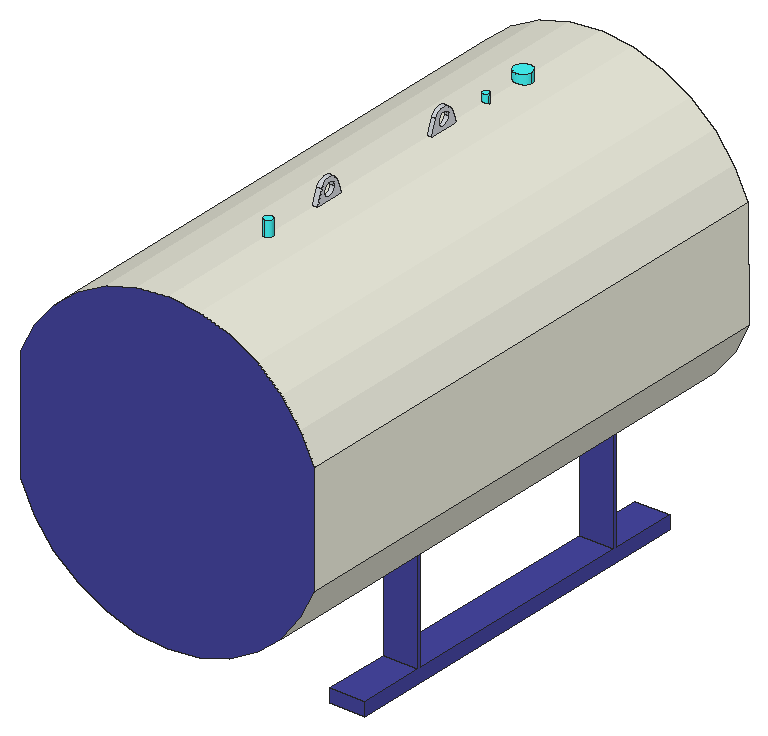
Revit family "d0061921_REVIT-150-250 HST", category Mechanical Equipment, Revit 2016
Family settings
  Part Type = Normal
  Round Connector Dimension = Use Radius
  Work Plane-Based = No
  Always vertical = Yes
  Cut with Voids When Loaded = No
  Shared = No
  Room Calculation Point = No
Parameters (values of type "LH 150A-TR")
  Weight = 695
  Unit Radius = 18 5/32"
  URL = "www.pvi.com"
  Thermowell Fitting To Rear = 35 1/4"
  Thermowell Fitting Radius = Thermowell Fitting NPT / 2  # 3/8"
  Thermowell Fitting Extension = Flat Side Spacing / 2 + 1"  # 18"
  Unit Length = 62 1/2"
  Thermowell Fitting NPT = 3/4"
  Temperature Gauge Fitting Radius = Temperature Gauge Fitting NPT / 2  # 3/8"
  Temperature Gauge Fitting NPT = 3/4"
  Skid To Rear = 12 1/8"
  Skid Spacing = 18"
  Skid Length = 44"
  Skid Center Dist = Skid Spacing / 2  # 9"
  Size = 150
  Relief to Rear = 14 1/2"
  Relief Valve Radius = Relief Valve NPT / 2  # 1/2"
  Relief Valve NPT = 1"
  Relief Extension = Unit Radius + 1"  # 19 5/32"
  Rear Skid Extension = 22 5/8"
  Phone Number = "817-335-3419"
  Nominal Storage = 150 gal
  Model = "LH 150A-TR"
  Manufacturer = "PVI Industries, LLC"
  Location [instance] = "Enter Job Location"
  Lifting Lugs To Rear = 23"
  Keynote = ""
  Hot Outlet To Front = 11 1/4"
  Hot Outlet Radius = Hot Outlet NPT / 2  # 1"
  Hot Outlet Extension = Unit Radius + 1"  # 19 5/32"
  Hot Outlet NPT = 2"
  Height to Relief = 45 1/8"
  Height to Energy = 24 1/2"
  Front Skid Extension = Skid Length + Rear Skid Extension  # 66 5/8"
  Flat Side Spacing = 34"
  Drain Radius = Drain NPT / 2  # 1/2"
  Drain NPT = 1"
  Drain Location = 24"
  Drain Extension = Unit Radius + 3"  # 21 5/32"
  Disclaimer = "This rendering is for building modeling purposes only. Submittal/catalog is still the contract document. PVI reserves the right to change design and specification without notice."
  Description = "PVI AquaPLEX® Storage Tanks - Horizontal Storage Tanks"
  Cold Inlet To Rear = 14 1/2"
  Cold Inlet NPT = 2"
  Cold Inlet Radius = Cold Inlet NPT / 2  # 1"
  Cold Inlet Extension = Unit Radius + 1"  # 19 5/32"
  Clearance Rear = 59 1/8"
  Clearance Front = 67 5/8"
  Clearance [instance] = yes
  Circulating Outlet Radius = Circulating Outlet NPT / 2  # 1 1/2"
  Circulating Outlet NPT = 3"
  Circulating Outlet Extension = Flat Side Spacing / 2 + 1"  # 18"
  Circulating Inlet Radius = Circulating Inlet NPT / 2  # 1 1/2"
  Circulating Inlet NPT = 3"
  Circulating Inlet Extension = Unit Radius + 1"  # 19 5/32"
  Circulating Inlet Angle = 46.1338°
  Assembly Code = "D3040400"
  Address = "3209 Galvez Ave., Fort Worth, Texas 76111"
Types (4): name | Weight | Thermowell Fitting To Rear | Unit Length | Skid To Rear | Skid Length | Size | Nominal Storage | Model | Location | Hot Outlet To Front | Front Skid Extension | Description | Circulating Inlet Angle
  LH 250A-TR | 770 | 50 3/4" | 94" | 11 1/8" | 76" | 250 | 250 gal | "LH 250A-TR" | "ENTER JOB LOCATION" | 11 1/4" | 98 5/8" | "PVI Turbopower - Water Heater" | 45.00°
  LH 175A-TR | 710 | 38 1/4" | 68 1/2" | 12 1/8" | 50" | 175 | 175 gal | "LH 175A-TR" | "ENTER JOB LOCATION" | 10 77/128" | 72 5/8" | "PVI AquaPLEX® Storage Tanks - Horizontal Storage Tanks" | 46.1338°
  LH 150A-TR | 695 | 35 1/4" | 62 1/2" | 12 1/8" | 44" | 150 | 150 gal | "LH 150A-TR" | "Enter Job Location" | 11 1/4" | 66 5/8" | "PVI AquaPLEX® Storage Tanks - Horizontal Storage Tanks" | 46.1338°
  LH 215A-TR | 730 | 41 1/4" | 75" | 12 1/8" | 56" | 215 | 215 gal | "LH 250A-TR" | "ENTER JOB LOCATION" | 11 1/4" | 78 5/8" | "PVI Turbopower - Water Heater" | 46.1338°
Reference planes (in)
  plane 1: z = 0
  plane 2 "Center (Left/Right)": x = 0
  plane 3 "Skid": z = 1.5
  plane 4: z = 26
  plane 5: y = -29
  plane 6: y = 19
  plane 7: y = -43.5
  plane 8: y = -29
  plane 9: y = 2.5
  plane 10: y = -8.25
  plane 11: y = 7.75
  plane 12: y = -20.5
  plane 13: y = -4
  plane 14: z = 46.5
  plane 15: z = 43.5
  plane 16: z = 45.25
  plane 17: y = -18.5
  plane 18: y = -22.5
Forms (in)
  Extrusion 1, solid, material "PVI Tank"
    sketch origin (0, -19.75, 0) x (1, 0, 0) y (0, 1, 0)
      loop
        line (-13, 32.375) -> (-13, -11.625) -> (-9, -11.625) -> (-9, 32.375) -> (-13, 32.375)
      loop
        line (9, 32.375) -> (9, -11.625) -> (13, -11.625) -> (13, 32.375) -> (9, 32.375)
    from 0 to 1.5
  Extrusion 2, solid, material "PVI Tank"
    sketch origin (0, -14.875, 9.9375) x (1, 0, 0) y (0, 0, 1)
      loop
        arc (-17, 9.47867) -> (0.07212, -2.19845) -> (17, 9.68681) r 18.15625
        line (17, 9.68681) -> (17, 22.43819)
        arc (17, 22.43819) -> (0.0843, 34.25793) -> (-17, 22.68323) r 18.20245
        line (-17, 22.68323) -> (-17, 9.47867)
    from -33.875 to 28.625
  Sweep 3, solid, material "PVI Tank"
    path origin (0, -15, 9.9375) x (0, 1, 0) y (0, 0, 1)
      loop
        line (27.61844, 16.0625) -> (27.61844, 35.9375)
    profile origin (0, 12.61844, 35.9375) x (0, -1, 0) y (1, 0, 0)
      loop
        circle (41.61844, 0) r 0.5
  Extrusion 4, solid, material "PVI Tank"
    sketch origin (0, -23.97504, 22.95982) x (0, 1, 0) y (0, 0, 1)
      loop
        line (0.35004, 1.54018) -> (0.35004, -22.95982) -> (0.60004, -22.95982) -> (0.60004, 1.54018) -> (0.35004, 1.54018)
    from 9 to 13
  Extrusion 5, solid, material "PVI Tank"
    sketch origin (0, -20.75629, 22.95982) x (0, 1, 0) y (0, 0, -1)
      loop
        line (-2.86871, -1.54018) -> (-2.61871, -1.54018) -> (-2.61871, 22.95982) -> (-2.86871, 22.95982) -> (-2.86871, -1.54018)
    from 9 to 13
  Extrusion 6, solid, material "PVI Tank"
    sketch origin (0, 33.84527, 22.95982) x (0, 1, 0) y (0, 0, 1)
      loop
        line (-29.22027, 1.54018) -> (-29.22027, -22.95982) -> (-28.97027, -22.95982) -> (-28.97027, 1.54018) -> (-29.22027, 1.54018)
    from 9 to 13
  Extrusion 7, solid, material "PVI Tank"
    sketch origin (0, 39.24371, 22.95982) x (0, 1, 0) y (0, 0, -1)
      loop
        line (-34.61871, -1.54018) -> (-34.36871, -1.54018) -> (-34.36871, 22.95982) -> (-34.61871, 22.95982) -> (-34.61871, -1.54018)
    from 9 to 13
  Sweep 8, solid, material "Plumbing"
    path origin (0, -29, 95.91008) x (0, 0, 1) y (-1, 0, 0)
      loop
        line (-69.91008, 0) -> (-89.06633, 0)
    profile origin (0, -29, 16.42188) x (0, -1, 0) y (1, 0, 0)
      loop
        circle (0, 0) r 1
  Sweep 9, solid, material "Plumbing"
    path origin (-72, -180, 26) x (-1, 0, 0) y (0, -1, 0)
      loop
        line (-72, -151) -> (-54, -151)
    profile origin (-9, -29, 26) x (0, -1, 0) y (0, 0, 1)
      loop
        circle (0, 0) r 1.5
  Sweep 10, solid, material "Plumbing"
    path origin (0, -29, 95.91008) x (0, 0, 1) y (-1, 0, 0)
      loop
        line (-69.91008, 0) -> (-83.72097, 13.27483)
    profile origin (-6.63742, -29, 19.09455) x (0.72096, 0, -0.692977) y (0, -1, 0)
      loop
        circle (-0.71395, 0) r 1.5
  Sweep 11, solid, material "Plumbing"
    path origin (0, 2.5, 91.6968) x (0, 0, 1) y (-1, 0, 0)
      loop
        line (-65.6968, 0.0625) -> (-46.6968, 0.0625)
    profile origin (-0.0625, 2.5, 35.5) x (-1, 0, 0) y (0, -1, 0)
      loop
        circle (0, 0) r 0.375
  Sweep 12, solid, material "Plumbing"
    path origin (0, -8.25, 82.43353) x (0, 0, 1) y (-1, 0, 0)
      loop
        line (-56.43353, 0) -> (-56.43353, 18)
    profile origin (-9, -8.25, 26) x (0, 0, -1) y (0, -1, 0)
      loop
        circle (0, 0) r 0.375
  Sweep 13, solid, material "PVI Tank"
    path origin (0, 7.75, 69.68897) x (0, 0, 1) y (-1, 0, 0)
      loop
        line (-43.68897, 0.0625) -> (-64.84522, 0.0625) -> (-64.84522, 15.0625)
    profile origin (-0.0625, 7.75, 15.42188) x (0, -1, 0) y (1, 0, 0)
      loop
        circle (0, 0) r 0.5
  Sweep 14, solid, material "Plumbing"
    path origin (0, 7.75, 69.68897) x (0, 0, 1) y (-1, 0, 0)
      loop
        line (-43.68897, 0) -> (-24.53272, 0)
    profile origin (0, 7.75, 35.57813) x (-1, 0, 0) y (0, -1, 0)
      loop
        circle (0, 0) r 1
  Extrusion 15, solid
    sketch origin (0, 0, 0) x (0, 1, 0) y (0, 0, 1)
      loop
        circle (-20.5, 45.25) r 0.75
      loop
        line (-18.5, 43.5) -> (-19.3764, 45.79775)
        arc (-19.3764, 45.79775) -> (-20.5, 46.5) -> (-21.6236, 45.79775) r 1.25
        line (-21.6236, 45.79775) -> (-22.5, 43.5) -> (-18.5, 43.5)
    from -0.25 to 0.25
  Extrusion 16, solid
    sketch origin (0, 48, 0) x (0, 1, 0) y (0, 0, 1)
      loop
        circle (-52, 45.25) r 0.75
      loop
        line (-50, 43.5) -> (-50.8764, 45.79775)
        arc (-50.8764, 45.79775) -> (-52, 46.5) -> (-53.1236, 45.79775) r 1.25
        line (-53.1236, 45.79775) -> (-54, 43.5) -> (-50, 43.5)
    from -0.25 to 0.25
Cuts and joins
  joined: Extrusion 1, Extrusion 2, Sweep 3, Extrusion 4, Extrusion 5, Extrusion 6, Extrusion 7, Sweep 13
Lines and regions (in)
  symbolic lines, style "MechanicalEquipmentHiddenLines", visible <- "Clearance"
    curve 1: line (-40.625, 33.125, 0) -> (40.625, 33.125, 0)
    curve 2: line (-40.625, -62.125, 0) -> (-40.625, 33.125, 0)
    curve 3: line (40.625, -62.125, 0) -> (-40.625, -62.125, 0)
    curve 4: line (40.625, 33.125, 0) -> (40.625, -62.125, 0)
Dimensions and locks (in)
  locked: plane 3 "Skid" to level at 1.5
  "Height to Energy": plane 4 to plane 3 "Skid"
  locked: curve 2 to plane 2 "Center (Left/Right)" at 40.625
  locked: plane 2 "Center (Left/Right)" to curve 4 at 40.625
  locked: Extrusion 1 sketch curve to Extrusion 1 sketch curve at 4  (x2)
  "Skid Spacing": Extrusion 1 sketch curve to Extrusion 1 sketch curve
  "Skid Length": Extrusion 1 sketch curve to Extrusion 1 sketch curve
  "Flat Side Spacing": Extrusion 2 sketch curve to Extrusion 2 sketch curve
  Extrusion 4 sketch curve to Extrusion 4 sketch curve = 24 1/2"
  Extrusion 4 sketch curve to Extrusion 4 sketch curve = 1/4"
  Extrusion 5 sketch curve to Extrusion 5 sketch curve = 24 1/2"
  Extrusion 5 sketch curve to Extrusion 5 sketch curve = 1/4"
  Extrusion 6 sketch curve to Extrusion 6 sketch curve = 24 1/2"
  Extrusion 6 sketch curve to Extrusion 6 sketch curve = 1/4"
  Extrusion 7 sketch curve to Extrusion 7 sketch curve = 24 1/2"
  Extrusion 7 sketch curve to Extrusion 7 sketch curve = 1/4"
  "Unit Length": plane 6 to plane 7
  "Skid To Rear": cut or joined group of Extrusion 1, Extrusion 2, Sweep 3, Extrusion 4, Extrusion 5, Extrusion 6, Extrusion 7, Sweep 13 to plane 7
  "Skid Length": cut or joined group of Extrusion 1, Extrusion 2, Sweep 3, Extrusion 4, Extrusion 5, Extrusion 6, Extrusion 7, Sweep 13 to cut or joined group of Extrusion 1, Extrusion 2, Sweep 3, Extrusion 4, Extrusion 5, Extrusion 6, Extrusion 7, Sweep 13
  locked: Extrusion 1 to Extrusion 5 at 8
  locked: cut or joined group of Extrusion 1, Extrusion 2, Sweep 3, Extrusion 4, Extrusion 5, Extrusion 6, Extrusion 7, Sweep 13 to cut or joined group of Extrusion 1, Extrusion 2, Sweep 3, Extrusion 4, Extrusion 5, Extrusion 6, Extrusion 7, Sweep 13 at 8  (x3)
  cut or joined group of Extrusion 1, Extrusion 2, Sweep 3, Extrusion 4, Extrusion 5, Extrusion 6, Extrusion 7, Sweep 13 to cut or joined group of Extrusion 1, Extrusion 2, Sweep 3, Extrusion 4, Extrusion 5, Extrusion 6, Extrusion 7, Sweep 13 = 8"
  "Relief to Rear": plane 5 to plane 7
  "Cold Inlet To Rear": plane 8 to plane 7
  "Thermowell Fitting To Rear": plane 10 to plane 7
  "Hot Outlet Extension": Sweep 14 sketch curve to Sweep 14 sketch curve
  locked: plane 6 to plane 11 at 11.25
  locked: plane 6 to plane 9 at 16.5
  "Lifting Lugs To Rear": plane 7 to plane 12
  plane 6 to plane 13 = 23"
  level to plane 14 = 46 1/2"
  plane 15 to plane 14 = 3"
  "Drain Extension": plane 4 to Sweep 13 sketch curve
  "Cold Inlet Extension": Sweep 8 sketch curve to Sweep 8 sketch curve
  "Thermowell Fitting Extension": Sweep 12 sketch curve to Sweep 12 sketch curve
  "Circulating Outlet Extension": Sweep 9 sketch curve to Sweep 9 sketch curve
  locked: Sweep 10 sketch curve to plane 2 "Center (Left/Right)" at 0
  "Circulating Inlet Extension": Sweep 10 sketch curve to Sweep 10 sketch curve
  "Unit Radius": radius of Extrusion 2 sketch curve
  "Relief Valve Radius": radius of Sweep 3 sketch curve
  "Circulating Inlet Angle": angle plane 4 to Sweep 10 sketch curve
  aligned and locked: Extrusion 1 sketch curve to Extrusion 1 sketch curve  (x2)
  aligned and locked: Extrusion 4 to level
  aligned and locked: Extrusion 5 to level
  aligned and locked: Extrusion 6 to level
  aligned and locked: Extrusion 7 to level
  aligned and locked: plane 5 to Sweep 3 sketch curve
  aligned and locked: plane 6 to cut or joined group of Extrusion 1, Extrusion 2, Sweep 3, Extrusion 4, Extrusion 5, Extrusion 6, Extrusion 7, Sweep 13
  aligned and locked: cut or joined group of Extrusion 1, Extrusion 2, Sweep 3, Extrusion 4, Extrusion 5, Extrusion 6, Extrusion 7, Sweep 13 to plane 7
  aligned and locked: Sweep 8 sketch curve to plane 2 "Center (Left/Right)"
  aligned and locked: plane 4 to Sweep 8 sketch curve
  aligned and locked: plane 2 "Center (Left/Right)" to Sweep 12 sketch curve
  aligned and locked: plane 4 to Sweep 10 sketch curve
Automatic sketch dimensions
  curve 3 to plane 7 = 18 5/8"
  plane 6 to curve 2 = 14 1/8"
  plane 5 to Extrusion 1 sketch curve = 2 3/8"
  Extrusion 1 sketch curve to plane 2 "Center (Left/Right)" = 13"
  Sweep 3 sketch curve to plane 4 = 0"
  plane 14 to Sweep 3 sketch curve = 5/8"
  Sweep 3 sketch curve to plane 11 = 4.86844"
  Sweep 3 sketch curve to profile plane = 0"
  Extrusion 4 sketch curve to level = 0"
  plane 18 to Extrusion 4 sketch curve = 1 1/8"
  Extrusion 5 sketch curve to level = 0"
  plane 18 to Extrusion 5 sketch curve = 1 1/8"
  Extrusion 6 sketch curve to level = 0"
  Extrusion 6 sketch curve to plane 9 = 2 1/8"
  Extrusion 7 sketch curve to level = 0"
  Extrusion 7 sketch curve to plane 9 = 2 1/8"
  plane 8 to Sweep 8 sketch curve = 0"
  Sweep 8 sketch curve to profile plane = 0"
  Sweep 9 sketch curve to plane 4 = 0"
  Sweep 9 sketch curve to profile plane = 0"
  Sweep 10 sketch curve to plane 8 = 0"
  profile plane to Sweep 10 sketch curve = 0.71395"
  Sweep 11 sketch curve to plane 4 = 0"
  Sweep 11 sketch curve to plane 2 "Center (Left/Right)" = 1/16"
  plane 16 to Sweep 11 sketch curve = 1/4"
  plane 9 to Sweep 11 sketch curve = 0"
  Sweep 11 sketch curve to profile plane = 0"
  Sweep 12 sketch curve to plane 10 = 0"
  Sweep 12 sketch curve to profile plane = 0"
  Sweep 13 sketch curve to plane 4 = 0"
  Sweep 13 sketch curve to plane 2 "Center (Left/Right)" = 1/16"
  Sweep 13 sketch curve to Sweep 13 sketch curve = 15"
  plane 11 to Sweep 13 sketch curve = 0"
  Sweep 13 sketch curve to profile plane = 0"
  Sweep 14 sketch curve to plane 2 "Center (Left/Right)" = 0"
  Sweep 14 sketch curve to plane 4 = 0"
  plane 11 to Sweep 14 sketch curve = 0"
  Sweep 14 sketch curve to profile plane = 0"
  Extrusion 15 sketch curve to Extrusion 15 sketch curve = 0"  (x2)
  plane 15 to Extrusion 15 sketch curve = 0"
  Extrusion 15 sketch curve to plane 18 = 0"
  Extrusion 15 sketch curve to plane 12 = 0"
  Extrusion 15 sketch curve to plane 17 = 0"
  plane 16 to Extrusion 15 sketch curve = 0"
  Extrusion 15 sketch curve to plane 18 = 0.8764"
  Extrusion 15 sketch curve to plane 16 = 0.54775"
  Extrusion 15 sketch curve to plane 12 = 1.1236"
  Extrusion 16 sketch curve to Extrusion 16 sketch curve = 0"  (x2)
  plane 15 to Extrusion 16 sketch curve = 0"
  Extrusion 16 sketch curve to plane 13 = 0"
  plane 16 to Extrusion 16 sketch curve = 0"
  Extrusion 16 sketch curve to plane 16 = 0.54775"  (x2)
  plane 13 to Extrusion 16 sketch curve = 1.1236"
  Extrusion 16 sketch curve to Extrusion 16 sketch curve = 0.8764"  (x2)
  Extrusion 2 sketch curve to plane 4 = 6.58383"
  Extrusion 2 sketch curve to plane 2 "Center (Left/Right)" = 17"
  Extrusion 2 sketch curve to plane 4 = 0.00655"
  Extrusion 2 sketch curve to plane 2 "Center (Left/Right)" = 3/64"
  Extrusion 2 sketch curve to plane 2 "Center (Left/Right)" = 0.03903"
  plane 4 to Extrusion 2 sketch curve = 6.37569"
  Sweep 9 sketch curve to plane 2 "Center (Left/Right)" = 0"
  plane 5 to Sweep 9 sketch curve = 0"
  Sweep 12 sketch curve to plane 4 = 0"
  radius of Sweep 8 sketch curve = 1"
  radius of Sweep 9 sketch curve = 1 1/2"
  radius of Sweep 10 sketch curve = 1 1/2"
  radius of Sweep 11 sketch curve = 3/8"
  radius of Sweep 12 sketch curve = 3/8"
  radius of Sweep 13 sketch curve = 1/2"
  radius of Sweep 14 sketch curve = 1"
  radius of Extrusion 15 sketch curve = 3/4"
  radius of Extrusion 16 sketch curve = 3/4"
Connectors (in)
  piping at (0, -29, 45.875), diameter 1, driven by "Relief Valve Radius"
    settings: on cut or joined group of Extrusion 1, Extrusion 2, Sweep 3, Extrusion 4, Extrusion 5, Extrusion 6, Extrusion 7, Sweep 13, index 13, connector inside diameter 3/4", connector length 0", flow factor 0, pipe flow 0 GPM, pressure drop 0.00 psi, fitting loss kfactor 0, connector angle 0.00°, fixture units 0, engagement length 0", angle of deflection 0.00°, flow configuration 0, flow direction 2, fitting loss method 0, system type 16, joint type 0, gender type 0, connector reference index -1, connector utility 0, adjustable connector no, is connector primary yes, connector description "Relief Connection"
  piping at (-15.0625, 7.75, 4.84375), diameter 1, driven by "Drain Radius"
    settings: on cut or joined group of Extrusion 1, Extrusion 2, Sweep 3, Extrusion 4, Extrusion 5, Extrusion 6, Extrusion 7, Sweep 13, index 24, connector inside diameter 24", connector length 0", flow factor 0, pipe flow 0 GPM, pressure drop 0.00 psi, fitting loss kfactor 0, connector angle 0.00°, fixture units 0, engagement length 0", angle of deflection 0.00°, flow configuration 0, flow direction 2, fitting loss method 0, system type 22, joint type 0, gender type 0, connector reference index -1, connector utility 0, adjustable connector no, is connector primary no, connector description "Drain Outlet"
  piping at (-13.78956, -29, 12.68386), diameter 3, driven by "Circulating Inlet Radius"
    settings: on Sweep 10, index 27, connector inside diameter 24", connector length 0", flow factor 0, pipe flow 0 GPM, pressure drop 0.00 psi, fitting loss kfactor 0, connector angle 0.00°, fixture units 0, engagement length 0", angle of deflection 0.00°, flow configuration 0, flow direction 0, fitting loss method 0, system type 22, joint type 0, gender type 0, connector reference index -1, connector utility 0, adjustable connector no, is connector primary no, connector description "Circulating Connections"
  piping at (-0.0625, 2.5, 45), diameter 0.75, driven by "Temperature Gauge Fitting Radius"
    settings: on Sweep 11, index 28, connector inside diameter 24", connector length 0", flow factor 0, pipe flow 0 GPM, pressure drop 0.00 psi, fitting loss kfactor 0, connector angle 0.00°, fixture units 0, engagement length 0", angle of deflection 0.00°, flow configuration 0, flow direction 0, fitting loss method 0, system type 28, joint type 0, gender type 0, connector reference index -1, connector utility 0, adjustable connector no, is connector primary no, connector description "Temperature Gauge Fitting"
  piping at (-18, -8.25, 26), diameter 0.75, driven by "Thermowell Fitting Radius"
    settings: on Sweep 12, index 29, connector inside diameter 24", connector length 0", flow factor 0, pipe flow 0 GPM, pressure drop 0.00 psi, fitting loss kfactor 0, connector angle 0.00°, fixture units 0, engagement length 0", angle of deflection 0.00°, flow configuration 0, flow direction 0, fitting loss method 0, system type 28, joint type 0, gender type 0, connector reference index -1, connector utility 0, adjustable connector no, is connector primary no, connector description "Thermowell Fitting"
  piping at (-18, -29, 26), diameter 3, driven by "Circulating Outlet Radius"
    settings: on Sweep 9, index 30, connector inside diameter 24", connector length 0", flow factor 0, pipe flow 0 GPM, pressure drop 0.00 psi, fitting loss kfactor 0, connector angle 0.00°, fixture units 0, engagement length 0", angle of deflection 0.00°, flow configuration 0, flow direction 0, fitting loss method 0, system type 22, joint type 0, gender type 0, connector reference index -1, connector utility 0, adjustable connector no, is connector primary no, connector description "Circulating Connections"
  piping at (0, -29, 6.84375), diameter 2, driven by "Cold Inlet Radius"
    settings: on Sweep 8, index 31, connector inside diameter 24", connector length 0", flow factor 0, pipe flow 0 GPM, pressure drop 0.00 psi, fitting loss kfactor 0, connector angle 0.00°, fixture units 0, engagement length 0", angle of deflection 0.00°, flow configuration 0, flow direction 1, fitting loss method 0, system type 20, joint type 0, gender type 0, connector reference index -1, connector utility 0, adjustable connector no, is connector primary no, connector description "Cold Inlet"
  piping at (0, 7.75, 45.15625), diameter 2, driven by "Hot Outlet Radius"
    settings: on Sweep 14, index 32, connector inside diameter 24", connector length 0", flow factor 0, pipe flow 0 GPM, pressure drop 0.00 psi, fitting loss kfactor 0, connector angle 0.00°, fixture units 0, engagement length 0", angle of deflection 0.00°, flow configuration 0, flow direction 2, fitting loss method 0, system type 19, joint type 0, gender type 0, connector reference index -1, connector utility 0, adjustable connector no, is connector primary no, connector description "Hot Outlet"
